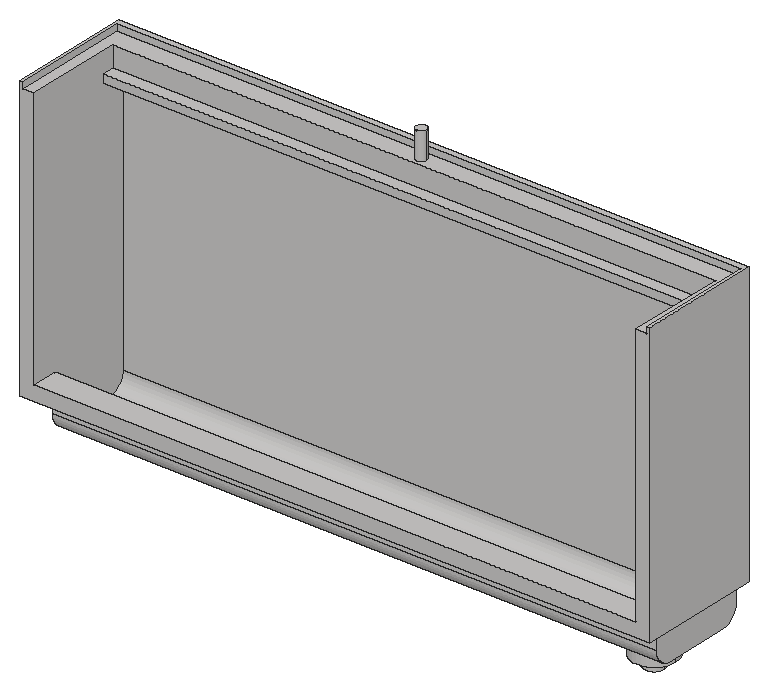
Revit family
Parameters (values of type "1525 X 300")
  Waste Connection Radius = Waste Connection Diameter / 2  # 25 mm
  Waste Connection Diameter = 50 mm
  Waste Connection = 1 = 1  # yes
  WFU = 0
  Vent Connection = 1 = 0  # no
  URL = "http://www.autospec.co.za/browse.php?id=1644179284"
  Product Code = "None"
  OmniClass Title = ""
  OmniClass Number = ""
  Modspec Classification = ""
  Specification = ""
  Location (revit room) = ""
  Material = Stainless Steel Grade 304
  Inlet Pipe Radius = Inlet Pipe Diameter / 2  # 12.5 mm
  Inlet Pipe Diameter = 25 mm
  Height = 780 mm
  HW Connection = 1 = 0  # no
  Description = ""
  Depth = 300 mm
  Default Elevation = 0 mm
  Colour = none
  CWFU = 0
  CW Connection = 1 = 1  # yes
  Body Finish = none
  Width = 1525 mm
  Model = "Trough Urinal KTU-1525 X 300"
  Manufacturer = "Kwikot"  # constant formula
  Assembly Code = "D2010210"
Reference planes
  plane 1 "Back": y = 0
  plane 2 "Bottom": z = 0
  plane 3 "Center (Left/Right)": x = 0
  plane 4 "Left": x = -762.5
  plane 5 "Right": x = 762.5
  plane 6 "Front": y = -300
  plane 7 "Top": z = 780
  plane 8: x = 732.5
  plane 9: x = -732.5
  plane 10: x = 662.5
  plane 11: y = -160
Forms (mm)
  Extrusion 1, solid, material "Stainless Steel Grade 304" <- "Material"
    sketch origin (-762.5, -491, 4000) x (0, -1, 0) y (0, 0, 1)
      loop
        line (-491, -4000) -> (-191, -4000) -> (-191, -3220) -> (-491, -3220) -> (-491, -4000)
    from 0 to -1525
  Extrusion 2, void
    sketch origin (-762.5, -491, 4000) x (0, 1, 0) y (0, 0, 1)
      loop
        line (251, -3905) -> (191, -3905) -> (191, -4030) -> (521, -4030) -> (521, -3960) -> (491, -3960)
        arc (491, -3960) -> (479.284, -3988.284) -> (451, -4000) r 40
        line (451, -4000) -> (291, -4000)
        arc (291, -4000) -> (262.716, -3988.284) -> (251, -3960) r 40
        line (251, -3960) -> (251, -3905)
    from 30 to 1495
  Extrusion 3, void
    sketch origin (-820.338, -300, 4000) x (1, 0, 0) y (0, 0, 1)
      loop
        line (87.838, -4000) -> (87.838, -3905) -> (57.838, -3905) -> (57.838, -4000) -> (87.838, -4000)
      loop
        line (1552.838, -4000) -> (1582.838, -4000) -> (1582.838, -3905) -> (1552.838, -3905) -> (1552.838, -4000)
    from 0 to -300
  Extrusion 4, void
    sketch origin (-820.338, -300, 4000) x (1, 0, 0) y (0, 0, 1)
      loop
        line (89.838, -3220) -> (89.838, -3870) -> (1550.838, -3870) -> (1550.838, -3220) -> (89.838, -3220)
    from 0 to -270
  Extrusion 5, void
    sketch origin (-762.5, -491, 4000) x (0, 1, 0) y (0, 0, 1)
      loop
        line (461, -3955) -> (461, -3870) -> (256, -3870) -> (256, -3955)
        arc (256, -3955) -> (267.716, -3983.284) -> (296, -3995) r 40
        line (296, -3995) -> (421, -3995)
        arc (421, -3995) -> (449.284, -3983.284) -> (461, -3955) r 40
    from 32 to 1493
  Extrusion 6, void
    sketch origin (-779.234, -1524, 780) x (0, -1, 0) y (-1, 0, 0)
      loop
        line (-1224, -21.734) -> (-1509, -21.734) -> (-1509, -1536.734) -> (-1224, -1536.734) -> (-1224, -21.734)
    from 0 to 15
  Extrusion 7, solid, material "Stainless Steel Grade 304" <- "Material"
    sketch origin (-762.5, -491, 4000) x (0, -1, 0) y (0, 0, 1)
      loop
        line (-461, -3235) -> (-461, -3305) -> (-401, -3305) -> (-401, -3285) -> (-431, -3285) -> (-431, -3235) -> (-461, -3235)
    from -32 to -1493
  Extrusion 8, solid, material "Stainless Steel Grade 304" <- "Material"
    sketch origin (0, 0, 0) x (1, 0, 0) y (0, 1, 0)
      loop
        circle (662.5, -160) r 35
      loop
        circle (662.5, -160) r 53
    from 5 to -25
  Extrusion 9, solid, material "Stainless Steel Grade 304"
    sketch origin (-779.234, -1524, 780) x (-1, 0, 0) y (0, -1, 0)
      loop
        circle (-779.234, -1486.5) r 12.5
    from -15 to 50
  Extrusion 10, solid, material "Stainless Steel Grade 304" <- "Material"
    sketch origin (0, 0, 0) x (1, 0, 0) y (0, 1, 0)
      loop
        circle (662.5, -160) r 25
      loop
        circle (662.5, -160) r 23
    from -25 to -50
  Extrusion 11, void
    sketch origin (0, 0, 0) x (0, 1, 0) y (1, 0, 0)
      loop
        circle (-160, 662.5) r 35
    from 0 to -5
  Extrusion 12, solid, material "Stainless Steel Grade 304" <- "Material"
    sketch origin (0, 0, -25) x (0, 1, 0) y (1, 0, 0)
      loop
        circle (-160, 662.5) r 35
      loop
        circle (-160, 662.5) r 25
    from 0 to -3
Cuts and joins
  Extrusion 2, Extrusion 3, Extrusion 4, Extrusion 5, Extrusion 6, Extrusion 11 cuts Extrusion 1
  Extrusion 11 cuts Extrusion 7
  Extrusion 11 cuts Extrusion 8
  Extrusion 11 cuts Extrusion 10
  joined: Extrusion 1, Extrusion 7, Extrusion 8, Extrusion 10, Extrusion 12
Lines and regions (mm)
  symbolic lines
    curve 1: line (-762.5, -300, 780) -> (762.5, -300, 780)
    curve 2: line (762.5, -300, 780) -> (762.5, 0, 780)
    curve 3: line (762.5, 0, 780) -> (-762.5, 0, 780)
    curve 4: line (-762.5, 0, 780) -> (-762.5, -300, 780)
    curve 5: line (757.5, -15, 780) -> (-757.5, -15, 780)
    curve 6: line (-757.5, -15, 780) -> (-757.5, -300, 780)
    curve 7: line (-730.5, -30, 780) -> (-730.5, -300, 780)
    curve 8: line (-730.5, -90, 780) -> (730.5, -90, 780)
    curve 9: line (-730.5, -60, 780) -> (730.5, -60, 780)
    curve 10: line (-730.5, -235, 780) -> (730.5, -235, 780)
    curve 11: line (730.5, -300, 780) -> (730.5, -30, 780)
    curve 12: line (730.5, -30, 780) -> (-730.5, -30, 780)
  symbolic lines, detail levels fine
    curve 13: arc (-12.5, -37.5, 780) -> (0, -50, 780) -> (12.5, -37.5, 780) r 12.5
    curve 14: arc (12.5, -37.5, 780) -> (0, -25, 780) -> (-12.5, -37.5, 780) r 12.5
    curve 15: arc (687.5, -160, -25) -> (662.5, -185, -25) -> (637.5, -160, -25) r 25
    curve 16: arc (637.5, -160, -25) -> (662.5, -135, -25) -> (687.5, -160, -25) r 25
    curve 17: arc (697.5, -160, -25) -> (662.5, -195, -25) -> (627.5, -160, -25) r 35
    curve 18: arc (627.5, -160, -25) -> (662.5, -125, -25) -> (697.5, -160, -25) r 35
Dimensions and locks
  "Height": plane 7 "Top" to plane 2 "Bottom"
  "Width": plane 4 "Left" to plane 5 "Right"
  equal spacing: plane 4 "Left", plane 3 "Center (Left/Right)", plane 5 "Right"
  "Depth": plane 1 "Back" to plane 6 "Front"
  plane 7 "Top" to Extrusion 7 = 85 mm
  locked: Extrusion 4 sketch curve to plane 5 "Right" at 32
  locked: plane 4 "Left" to Extrusion 4 sketch curve at 32
  locked: plane 4 "Left" to plane 9 at 30
  locked: plane 8 to plane 5 "Right" at 30
  cut or joined group 1 (Extrusion 1, Extrusion 2, Extrusion 3, Extrusion 4, Extrusion 5, Extrusion 6, Extrusion 7, Extrusion 8, Extrusion 10, Extrusion 11, Extrusion 12) to plane 8 = 2 mm
  Extrusion 9 sketch curve to plane 1 "Back" = 37.5 mm
  Extrusion 10 sketch curve to plane 5 "Right" = 100 mm
  Extrusion 10 sketch curve to plane 1 "Back" = 160 mm
  cut or joined group 1 to plane 6 "Front" = 60 mm
  plane 10 to plane 5 "Right" = 100 mm
  Extrusion 8 sketch curve to plane 6 "Front" = 140 mm
  plane 11 to plane 6 "Front" = 140 mm
  radius of Extrusion 8 sketch curve = 35 mm
  "Inlet Pipe Radius": radius of Extrusion 9 sketch curve
  "Waste Connection Radius": radius of Extrusion 10 sketch curve
  radius of Extrusion 2 sketch curve = 40 mm  (x2)
  aligned and locked: plane 2 "Bottom" to level
  aligned and locked: Extrusion 1 sketch curve to level
  aligned and locked: Extrusion 1 sketch curve to plane 1 "Back"
  aligned and locked: plane 7 "Top" to Extrusion 1 sketch curve
  aligned and locked: Extrusion 1 sketch curve to plane 6 "Front"
  aligned and locked: Extrusion 3 sketch curve to cut or joined group 1  (x3)
  aligned and locked: Extrusion 3 sketch curve to plane 4 "Left"
  aligned and locked: Extrusion 3 sketch curve to plane 5 "Right"
  aligned and locked: Extrusion 3 sketch curve to plane 2 "Bottom"
  aligned and locked: Extrusion 3 sketch curve to Extrusion 3 sketch curve
  aligned and locked: plane 7 "Top" to Extrusion 4 sketch curve
  aligned and locked: Extrusion 5 sketch curve to cut or joined group 1
  aligned and locked: cut or joined group 1 to Extrusion 5 sketch curve
  aligned and locked: cut or joined group 1 to Extrusion 6 sketch curve
  aligned and locked: Extrusion 7 sketch curve to cut or joined group 1  (x2)
  aligned and locked: cut or joined group 1 to Extrusion 7  (x2)
  aligned and locked: Extrusion 1 to plane 5 "Right"
  aligned and locked: Extrusion 2 to Extrusion 3
  aligned and locked: Extrusion 2 to plane 8
  aligned and locked: Extrusion 5 to Extrusion 4
  aligned and locked: plane 3 "Center (Left/Right)" to Extrusion 9 sketch curve
  aligned and locked: cut or joined group 1 to Extrusion 9
  aligned and locked: Extrusion 10 to cut or joined group 1
  aligned and locked: curve 1 to cut or joined group 1
  aligned and locked: curve 2 to cut or joined group 1
  aligned and locked: curve 3 to cut or joined group 1
  aligned and locked: curve 4 to cut or joined group 1
  aligned and locked: curve 5 to cut or joined group 1
  aligned and locked: curve 6 to cut or joined group 1
  aligned and locked: curve 7 to cut or joined group 1
  aligned and locked: curve 8 to cut or joined group 1
  aligned and locked: curve 9 to cut or joined group 1
  aligned and locked: curve 10 to cut or joined group 1
  aligned and locked: curve 11 to cut or joined group 1
  aligned and locked: curve 13 to Extrusion 9
  aligned and locked: curve 14 to Extrusion 9
  aligned and locked: plane 10 to Extrusion 10 sketch curve
  aligned and locked: Extrusion 11 sketch curve to cut or joined group 1  (x2)
  aligned and locked: Extrusion 11 to Extrusion 5
  aligned and locked: Extrusion 12 sketch curve to cut or joined group 1  (x4)
  aligned and locked: Extrusion 8 to Extrusion 5
  aligned and locked: curve 15 to cut or joined group 1
  aligned and locked: curve 16 to cut or joined group 1
  aligned and locked: curve 17 to cut or joined group 1
  aligned and locked: curve 18 to cut or joined group 1
  aligned and locked: plane 10 to Extrusion 8 sketch curve
Automatic sketch dimensions
  Extrusion 2 sketch curve to plane 6 "Front" = 0 mm
  Extrusion 2 sketch curve to level = 0 mm
  Extrusion 2 sketch curve to plane 1 "Back" = 0 mm
  plane 6 "Front" to Extrusion 2 sketch curve = 60 mm
  Extrusion 2 sketch curve to Extrusion 2 sketch curve = 30 mm
  Extrusion 2 sketch curve to level = 30 mm
  plane 1 "Back" to Extrusion 5 sketch curve = 70 mm
  plane 6 "Front" to Extrusion 5 sketch curve = 105 mm
  plane 6 "Front" to Extrusion 5 sketch curve = 65 mm
  plane 1 "Back" to Extrusion 6 sketch curve = 15 mm
  plane 5 "Right" to Extrusion 6 sketch curve = 5 mm
  Extrusion 6 sketch curve to plane 4 "Left" = 5 mm
  Extrusion 7 sketch curve to Extrusion 7 sketch curve = 30 mm  (x2)
  Extrusion 7 sketch curve to Extrusion 7 sketch curve = 50 mm
  Extrusion 7 sketch curve to Extrusion 7 sketch curve = 20 mm
  Extrusion 2 sketch curve to Extrusion 2 sketch curve = 55 mm
  Extrusion 3 sketch curve to Extrusion 3 sketch curve = 95 mm
  level to Extrusion 4 sketch curve = 130 mm
  level to Extrusion 5 sketch curve = 45 mm
  curve 1 to plane 5 "Right" = 0 mm
  curve 11 to plane 6 "Front" = 0 mm
  plane 1 "Back" to curve 4 = 0 mm
  curve 4 to plane 4 "Left" = 0 mm
  plane 5 "Right" to curve 5 = 5 mm
  plane 8 to curve 12 = 2 mm
  curve 7 to plane 9 = 2 mm
  curve 6 to plane 4 "Left" = 5 mm
  plane 1 "Back" to curve 6 = 15 mm
  plane 1 "Back" to curve 11 = 30 mm
  curve 7 to curve 9 = 30 mm
  curve 9 to curve 8 = 30 mm
  plane 6 "Front" to curve 10 = 65 mm
  Extrusion 8 sketch curve to plane 10 = 0 mm
  Extrusion 10 sketch curve to plane 11 = 0 mm
  Extrusion 8 sketch curve to Extrusion 8 sketch curve = 0 mm
  radius of Extrusion 10 sketch curve = 23 mm
  radius of Extrusion 8 sketch curve = 53 mm
Connectors
  piping at (662.5, -160, -50), driven by "Waste Connection Radius", driven by "WFU"
    settings: on cut or joined group 1, index 1, connector radius 25 mm, flow factor 0, pipe flow 0.0 L/s, pressure drop 0.0 Pa, fitting loss kfactor 0, connector angle 0.00°, fixture units 0, flow configuration 3, flow direction 2, fitting loss method 0, system type 16, connector reference index -1, connector utility 0, adjustable connector no, is connector primary no, fitting loss table "", connector description ""
  piping at (0, -37.5, 830), driven by "Inlet Pipe Radius", driven by "CWFU"
    settings: on Extrusion 9, index 2, connector radius 12.5 mm, flow factor 0, pipe flow 0.0 L/s, pressure drop 0.0 Pa, fitting loss kfactor 0, connector angle 0.00°, fixture units 0, flow configuration 3, flow direction 1, fitting loss method 0, system type 20, connector reference index -1, connector utility 0, adjustable connector no, is connector primary yes, fitting loss table "", connector description ""
